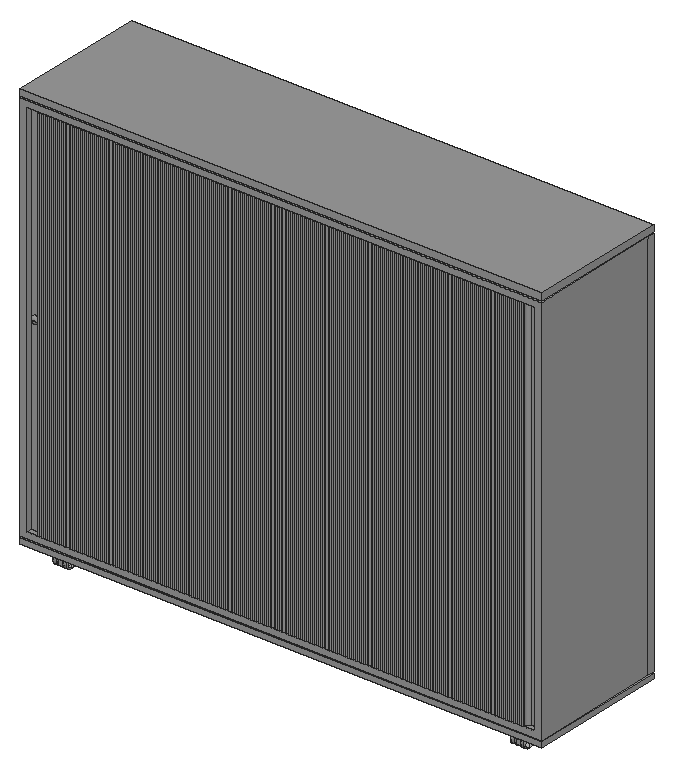
Revit family "Haworth_BeHold-Design_TambourDoorCabinet_BaseElement_EU_PRELIMINARY", category Furniture Systems, Revit 2019
Family settings
  Round Connector Dimension = Use Diameter
  Part Type = Normal
  OmniClass Number = 23.40.70.14.64.21
  OmniClass Title = Systems Furniture
  Work Plane-Based = No
  Always vertical = Yes
  Cut with Voids When Loaded = No
  Shared = No
  Room Calculation Point = No
Parameters (values of type "160w 3BH")
  with Cover Plate [instance] = yes
  Width = 160 cm
  Warranty = "http://www.haworth.com/resources/product-info/warranties"
  URL - Product = "https://www.haworth.com/eu/en/products/office-drawers/be-hold.html"
  URL = "https://www.haworth.com/eu/en.html"
  Trim Finish = Haworth _ Polymer _ Undecided
  Top Finish [instance] = Haworth _ Laminate _ Undecided _ Storage
  Size = "Verify Final Dim. w/ Haworth"  # constant formula
  Revision Number = "1"  # constant formula
  Pull Height = Door Height - 25 cm  # 91.3 cm
  Pull Finish = Haworth _ Polymer _ Undecided
  Plinth Finish = Haworth _ Polymer _ Undecided
  Plinth = not(or(Glides, Casters))  # no
  Mounting Height = if(Plinth, 3 cm, if(Casters, 3 cm, 0 cm))  # 3 cm
  Model = "ESDTDGE"  # constant formula
  Min. Width = 80 cm  # constant formula
  Min. Height = 49.9 cm  # constant formula
  Max. Width = 160 cm  # constant formula
  Max. Height = 153.1 cm  # constant formula
  Manufacturer = "Haworth"  # constant formula
  Lock Offset Side = Actual Width / 2  # 80 cm
  Lock Offset Length = Door Height / 2  # 58.15 cm
  Height = 124.3 cm
  Glides = no
  Glide Finish = Haworth _ Polymer _ Undecided
  Front Finish [instance] = Haworth _ Laminate _ Undecided _ Storage
  Door Width = Actual Width / 2 - 2 cm  # 78 cm
  Door Height = Actual Height - 8 cm  # 116.3 cm
  Description = "Haworth - BeHold Design - Tambour Door Cabinet - Base Element"  # constant formula
  Custom Size = not(or(Width = 91.44 cm, Width = 106.68 cm, Width = 121.92 cm, Width = 137.16 cm, Width = 152.4 cm, Width = 167.64 cm, Width = 182.88 cm))  # yes
  Casters = yes
  Cabinet Finish [instance] = Haworth _ Laminate _ Undecided _ Storage
  Back Finish [instance] = Haworth _ Laminate _ Undecided _ Storage
  Author = "Haworth (Abd Rahman)"  # constant formula
  Assembly Code = "E2020200"
  Actual Width = if(Width < Min. Width, Min. Width, if(Width > Max. Width, Max. Width, Width))  # 160 cm
  Actual Height = if(Height < Min. Height, Min. Height, if(Height > Max. Height, Max. Height, Height))  # 124.3 cm
  Actual Depth = 43 cm  # constant formula
  74H = Actual Height = 74 cm  # no
  4BH = Actual Height = 153.1 cm  # no
  3BH = Actual Height = 124.3 cm  # yes
  2BH = Actual Height = 87.1 cm  # no
  1BH = Actual Height = 49.9 cm  # no
  100H = Actual Height = 100 cm  # no
Types (6, lengths in cm): name | Width | Pull Height | Plinth | Mounting Height | Lock Offset Side | Lock Offset Length | Height | Glides | Door Width | Door Height | Casters | Actual Width | Actual Height | 74H | 4BH | 3BH | 2BH | 1BH | 100H
  140w 1BH | 140 | 16.9 | yes | 3 | 70 | 20.95 | 49.9 | no | 68 | 41.9 | no | 140 | 49.9 | no | no | no | no | yes | no
  90w 2BH | 90 | 54.1 | no | 3 | 45 | 39.55 | 87.1 | no | 43 | 79.1 | yes | 90 | 87.1 | no | no | no | yes | no | no
  160w 3BH | 160 | 91.3 | no | 3 | 80 | 58.15 | 124.3 | no | 78 | 116.3 | yes | 160 | 124.3 | no | no | yes | no | no | no
  120w 4BH | 120 | 120.1 | no | 0 | 60 | 72.55 | 153.1 | yes | 58 | 145.1 | no | 120 | 153.1 | no | yes | no | no | no | no
  80w 74h | 80 | 41 | yes | 3 | 40 | 33 | 74 | no | 38 | 66 | no | 80 | 74 | yes | no | no | no | no | no
  100w 100h | 100 | 67 | no | 0 | 50 | 46 | 100 | yes | 48 | 92 | no | 100 | 100 | no | no | no | no | no | yes
Reference planes (cm)
  plane 1: z = 3
  plane 2 "Center L/R": x = -15.6859
  plane 3 "Center F/B": y = -29.21
  plane 4 "Top": z = 127.3
  plane 5 "Back": y = -7.71
  plane 6 "Front": y = -50.71
  plane 7 "Right": x = 64.3141
  plane 8 "Left": x = -95.6859
  plane 9: z = 125.4816
  plane 10: x = 62.3141
  plane 11: x = -93.6859
  plane 12: z = 4.8184
  plane 13: y = -48.71
  plane 14: z = 127.8
  plane 15: y = -9.71
  plane 16: z = 6.8184
  plane 17: z = 8.8184
  plane 18: z = 6.3184
  plane 19: y = -44.4342
  plane 20: x = 54.5804
  plane 21: y = -42.4342
  plane 22: y = -13.9858
  plane 23: y = -15.9858
  plane 24: x = -85.9522
  plane 25: y = -44.74
  plane 26: y = -43.3236
  plane 27: y = -13.68
  plane 28: y = -15.0964
  plane 29: x = 62.6141
  plane 30: x = 64.2141
  plane 31: x = -93.9859
  plane 32: x = -95.5859
  plane 33: y = -8.8617
  plane 34: y = -10.4617
  plane 35: y = -49.4617
  plane 36: y = -47.8617
  plane 37: x = -85.9522
  plane 38: x = 54.5804
  plane 39: y = -13.9858
  plane 40: y = -44.4342
Forms (cm)
  Extrusion 1, solid, material "Haworth _ Laminate _ Undecided _ Storage" <- "Cabinet Finish"
    sketch origin (0, -29.21, 0) x (1, 0, 0) y (0, 0, 1)
      loop
        line (-95.6859, 127.3) -> (-95.6859, 6.8184) -> (64.3141, 6.8184) -> (64.3141, 127.3) -> (-95.6859, 127.3)
      loop
        line (-93.6859, 125.4816) -> (-93.6859, 8.8184) -> (62.3141, 8.8184) -> (62.3141, 125.4816) -> (-93.6859, 125.4816)
    from -19.5 to 21.5
  Extrusion 2, solid, material "Haworth _ Laminate _ Undecided _ Storage" <- "Cabinet Finish"
    sketch origin (0, -29.21, 0) x (1, 0, 0) y (0, 0, 1)
      loop
        line (-95.6859, 6.3184) -> (-95.6859, 4.8184) -> (64.3141, 4.8184) -> (64.3141, 6.3184) -> (-95.6859, 6.3184)
    from -21.5 to 21.5
  Extrusion 3, solid, material "Haworth _ Polymer _ Undecided" <- "Glide Finish", visible <- "Glides"
    sketch origin (0, 0, 0) x (1, 0, 0) y (0, 1, 0)
      loop
        arc (53.0804, -42.4342) -> (54.5804, -46.9342) -> (56.0804, -42.4342) r 2.5
        line (56.0804, -42.4342) -> (53.0804, -42.4342)
      loop
        line (53.0804, -15.9858) -> (56.0804, -15.9858)
        arc (56.0804, -15.9858) -> (54.5804, -11.4858) -> (53.0804, -15.9858) r 2.5
      loop
        line (-84.4522, -42.4342) -> (-87.4522, -42.4342)
        arc (-87.4522, -42.4342) -> (-85.9522, -46.9342) -> (-84.4522, -42.4342) r 2.5
      loop
        arc (-84.4522, -15.9858) -> (-85.9522, -11.4858) -> (-87.4522, -15.9858) r 2.5
        line (-87.4522, -15.9858) -> (-84.4522, -15.9858)
    from 3 to 4.8184
  Extrusion 4, solid, material "Haworth _ Laminate _ Undecided _ Storage" <- "Back Finish"
    sketch origin (0, -29.21, 0) x (1, 0, 0) y (0, 0, 1)
      loop
        line (64.3141, 127.3) -> (-95.6859, 127.3) -> (-95.6859, 6.8184) -> (64.3141, 6.8184) -> (64.3141, 127.3)
    from -21.5 to -19.5
  Extrusion 5, solid, material "Haworth _ Polymer _ Undecided" <- "Glide Finish"
    sketch origin (0, 0, 0) x (1, 0, 0) y (0, 1, 0)
      loop
        line (-93.6859, -44.74) -> (62.3141, -44.74) -> (62.3141, -43.3236) -> (-93.6859, -43.3236) -> (-93.6859, -44.74)
      loop
        line (-93.6859, -13.68) -> (-93.6859, -15.0964) -> (62.3141, -15.0964) -> (62.3141, -13.68) -> (-93.6859, -13.68)
    from 6.3184 to 6.8184
  Extrusion 6, solid, material "Haworth _ Polymer _ Undecided" <- "Plinth Finish", visible <- "Plinth"
    sketch origin (0, 0, 0) x (1, 0, 0) y (0, 1, 0)
      loop
        line (-95.5859, -8.8617) -> (-95.5859, -49.4617) -> (64.2141, -49.4617) -> (64.2141, -8.8617) -> (-95.5859, -8.8617)
      loop
        line (-93.9859, -10.4617) -> (-93.9859, -47.8617) -> (62.6141, -47.8617) -> (62.6141, -10.4617) -> (-93.9859, -10.4617)
    from 0 to 4.8184
Lines and regions (cm)
  Masking region 1
    outline origin (0, 0, 0) x (1, 0, 0) y (0, 1, 0)
      loop
        line (-95.6859, -7.71) -> (-95.6859, -50.71) -> (64.3141, -50.71) -> (64.3141, -7.71) -> (-95.6859, -7.71)
Dimensions and locks (cm)
  equal spacing: plane 8 "Left", plane 2 "Center L/R", plane 7 "Right"
  "Actual Width": plane 8 "Left" to plane 7 "Right"
  equal spacing: plane 5 "Back", plane 3 "Center F/B", plane 6 "Front"
  "Actual Depth": plane 5 "Back" to plane 6 "Front"
  plane 38 to plane 10 to plane 7 "Right" = 7.7337 cm locked, 2 cm locked
  plane 8 "Left" to plane 11 to plane 37 = 2 cm locked, 7.7337 cm locked
  locked: plane 4 "Top" to plane 9 at 1.8184
  locked: plane 12 to plane 1 at 1.8184
  "Actual Height": plane 4 "Top" to plane 1
  "Mounting Height": plane 1 to level
  plane 6 "Front" to plane 13 to plane 40 = 2 cm locked, 4.2758 cm locked
  locked: plane 14 to plane 4 "Top" at 0.5
  plane 39 to plane 15 to plane 5 "Back" = 4.2758 cm locked, 2 cm locked
  locked: plane 16 to plane 12 at 2
  locked: plane 17 to plane 16 at 2
  locked: plane 16 to plane 18 at 0.5
  plane 21 to plane 19 to plane 6 "Front" = 2 cm locked, 6.2758 cm locked
  locked: plane 20 to plane 7 "Right" at 9.7337
  locked: plane 23 to plane 22 at 2
  locked: plane 22 to plane 5 "Back" at 6.2758
  locked: plane 8 "Left" to plane 24 at 9.7337
  plane 6 "Front" to plane 25 to plane 26 = 5.97 cm locked, 1.4164 cm locked
  locked: plane 27 to plane 28 at 1.4164
  locked: plane 5 "Back" to plane 27 at 5.97
  plane 1 to level = 3 cm
  plane 36 to plane 35 to plane 6 "Front" = 1.6 cm locked, 1.2483 cm locked
  plane 29 to plane 30 to plane 7 "Right" = 1.6 cm locked, 0.1 cm locked
  plane 8 "Left" to plane 32 to plane 31 = 0.1 cm locked, 1.6 cm locked
  plane 34 to plane 33 to plane 5 "Back" = 1.6 cm locked, 1.1517 cm locked
  radius of Extrusion 3 sketch curve = 2.5 cm  (x4)
  aligned and locked: plane 7 "Right" to Masking region 1
  aligned and locked: plane 5 "Back" to Masking region 1
  aligned and locked: Masking region 1 to plane 6 "Front"
  aligned and locked: Masking region 1 to plane 8 "Left"
  aligned and locked: plane 6 "Front" to nested 1
  aligned and locked: plane 3 "Center F/B" to nested 2
  aligned and locked: plane 2 "Center L/R" to nested 2
  aligned and locked: nested 2 to plane 14
  aligned and locked: plane 8 "Left" to Extrusion 1 sketch curve
  aligned and locked: Extrusion 1 sketch curve to plane 7 "Right"
  aligned and locked: Extrusion 1 sketch curve to plane 4 "Top"
  aligned and locked: plane 10 to Extrusion 1 sketch curve
  aligned and locked: Extrusion 1 sketch curve to plane 9
  aligned and locked: Extrusion 1 sketch curve to plane 11
  aligned and locked: Extrusion 1 to plane 16
  aligned and locked: Extrusion 2 sketch curve to plane 7 "Right"
  aligned and locked: plane 8 "Left" to Extrusion 2 sketch curve
  aligned and locked: Extrusion 2 to plane 12
  aligned and locked: plane 5 "Back" to Extrusion 2
  aligned and locked: Extrusion 2 to plane 6 "Front"
  aligned and locked: plane 19 to Extrusion 3 sketch curve  (x2)
  aligned and locked: plane 20 to Extrusion 3 sketch curve  (x2)
  aligned and locked: plane 22 to Extrusion 3 sketch curve
  aligned and locked: plane 24 to Extrusion 3 sketch curve  (x2)
  aligned and locked: plane 23 to Extrusion 3 sketch curve  (x2)
  aligned and locked: Extrusion 3 sketch curve to plane 22
  aligned and locked: plane 21 to Extrusion 3 sketch curve
  aligned and locked: Extrusion 3 sketch curve to plane 21
  aligned and locked: Extrusion 3 to plane 1
  aligned and locked: plane 12 to Extrusion 3
  aligned and locked: Extrusion 1 to plane 15
  aligned and locked: Extrusion 4 sketch curve to plane 7 "Right"
  aligned and locked: plane 8 "Left" to Extrusion 4 sketch curve
  aligned and locked: Extrusion 4 sketch curve to plane 16
  aligned and locked: Extrusion 4 sketch curve to plane 4 "Top"
  aligned and locked: plane 5 "Back" to Extrusion 4
  aligned and locked: plane 15 to Extrusion 4
  aligned and locked: Extrusion 5 sketch curve to plane 26
  aligned and locked: Extrusion 5 sketch curve to plane 25
  aligned and locked: Extrusion 5 sketch curve to plane 27
  aligned and locked: Extrusion 5 sketch curve to plane 28
  aligned and locked: Extrusion 5 to plane 18
  aligned and locked: plane 16 to Extrusion 5
  aligned and locked: plane 10 to Extrusion 5 sketch curve
  aligned and locked: Extrusion 5 sketch curve to plane 10
  aligned and locked: Extrusion 5 sketch curve to plane 11
  aligned and locked: plane 11 to Extrusion 5 sketch curve
  aligned and locked: plane 12 to Extrusion 6
  aligned and locked: Extrusion 6 to level
  aligned and locked: Extrusion 6 sketch curve to plane 33
  aligned and locked: Extrusion 6 sketch curve to plane 34
  aligned and locked: Extrusion 6 sketch curve to plane 36
  aligned and locked: Extrusion 6 sketch curve to plane 35
  aligned and locked: Extrusion 6 sketch curve to plane 32
  aligned and locked: Extrusion 6 sketch curve to plane 31
  aligned and locked: Extrusion 6 sketch curve to plane 30
  aligned and locked: Extrusion 6 sketch curve to plane 29
  aligned and locked: Extrusion 1 to plane 6 "Front"
  aligned and locked: nested 1 to plane 11
  aligned and locked: nested 3 to plane 2 "Center L/R"
  aligned and locked: nested 3 to plane 17
  aligned and locked: plane 17 to nested 1
  aligned and locked: nested 3 to plane 6 "Front"
  aligned and locked: nested 4 to plane 37
  aligned and locked: nested 4 to plane 39
  aligned and locked: nested 5 to plane 37
  aligned and locked: plane 40 to nested 5
  aligned and locked: plane 38 to nested 7
  aligned and locked: plane 38 to nested 6
  aligned and locked: nested 7 to plane 39
  aligned and locked: plane 40 to nested 6
Automatic sketch dimensions
  Masking region 1 sketch curve to plane 6 "Front" = 0 cm
  Masking region 1 sketch curve to plane 8 "Left" = 0 cm
  Masking region 1 sketch curve to plane 7 "Right" = 0 cm
  Masking region 1 sketch curve to plane 5 "Back" = 0 cm
  Extrusion 1 sketch curve to plane 16 = 0 cm
  Extrusion 1 sketch curve to plane 17 = 0 cm
  Extrusion 2 sketch curve to plane 12 = 0 cm
  Extrusion 2 sketch curve to plane 18 = 0 cm
Nested families (cm)
  nested 1: "Haworth_MSeries_Door_Tambour-PART" at (-54.6859, -47.8217, 8.8184), type "Haworth_Drawer"
    with Lock Offset Top 58.15 cm, Drawer Width 78 cm, Drawer Height 116.3 cm
  nested 2: "Haworth_BeHold_CoverPlate_Top-PART" at (0, 0, -122.2), visible <- "with Cover Plate", Top Finish <- "Top Finish", type "Cover Plate"
    with Top Finish Haworth _ Laminate _ Undecided _ Storage, Actual Width 160 cm, Actual Mounting Height 250 cm, Actual Depth 43 cm
  nested 3: "Haworth_MSeries_Door_Tambour-PART" at (23.3141, -47.8217, 8.8184) x (-1, 0, 0) z (0, 0, 1), type "Haworth_Drawer"
    with With Lock no, Lock Offset Top 58.15 cm, Drawer Width 78 cm, Drawer Height 116.3 cm
  nested 4: "Haworth_BeHold_Casters_PART" at (-85.9522, -16.8961, 0), visible <- "Casters", type "Casters"
  nested 5: "Haworth_BeHold_Casters_PART" at (-85.9522, -47.3446, 0), visible <- "Casters", type "Casters"
  nested 6: "Haworth_BeHold_Casters_PART" at (54.5804, -47.3446, 0), visible <- "Casters", type "Casters"
  nested 7: "Haworth_BeHold_Casters_PART" at (54.5804, -16.8961, 0), visible <- "Casters", type "Casters"
Definition of nested family "Haworth_MSeries_Door_Tambour-PART"
  Parameters (values of type "Haworth_Drawer")
    With Lock [instance] = yes
    Warranty = "http://www.haworth.com/resources/product-info/warranties"
    URL - Product = ""
    URL = "www.haworth.com"
    Trim Finish = none
    Revision Number = "1"  # constant formula
    Pull Finish = none
    Note = "Verify Final Dim. w/ Haworth"  # constant formula
    Model = "Haworth Be_Hold"  # constant formula
    Manufacturer = "Haworth"  # constant formula
    Lock Offset Top = 55 cm
    Lock Offset Side = 1.5 cm  # constant formula
    Front Recess = no
    Front Finish = none
    Front Edge Finish = none
    Drawer Width = 41 cm
    Drawer Height = 175 cm
    Description = "Haworth - Be_Hold - Drawer"
    Author = "Haworth (Alias)"  # constant formula
    Assembly Code = ""
  Types (2, lengths in cm): name | With Lock
    Haworth_Drawer | yes
    Haworth_Drawer - Double | no
  Reference planes (cm)
    plane 1 "Drawer Back": y = -0.6658
    plane 2: z = 0
    plane 3 "Center L/R": x = 0
    plane 4 "Drawer Front": y = -2.8883
    plane 5 "Left": x = -20.5
    plane 6 "Right": x = 20.5
    plane 7 "Top": z = 175
    plane 8 "Hardware Start": y = -0.9833
    plane 9 "Lock Horizontal": z = 120
    plane 10 "2": z = 122.2225
    plane 11: y = -1.7771
    plane 12 "3": x = -19
  Forms (cm)
    Revolve 1, solid, material <- "Trim Finish", visible <- "With Lock"
      sketch origin (0, -0.0625, 120) x (1, 0, 0) y (0, -1, 0)
        loop
          line (-19, 1.3018) -> (-19, 2.0159) -> (-19.3973, 2.0159)
          arc (-19.3973, 2.0159) -> (-19.9022, 1.8067) -> (-20.1113, 1.3018) r 0.714
          line (-20.1113, 1.3018) -> (-19, 1.3018)
        axis (-19, 1.3018) -> (-19, 2.0159)
      angle from 0 to 360
  Lines and regions (cm)
    Masking region 1
      outline origin (0, 0, 120) x (-1, 0, 0) y (0, -1, 0)
        loop
          line (20.5, 0.9833) -> (20.5, 2.8883) -> (-20.5, 2.8883) -> (-20.5, 0.9833) -> (20.5, 0.9833)
  Dimensions and locks (cm)
    equal spacing: plane 5 "Left", plane 3 "Center L/R", plane 6 "Right"
    "Drawer Width": plane 5 "Left" to plane 6 "Right"
    "Drawer Height": plane 7 "Top" to level
    locked: plane 1 "Drawer Back" to plane 8 "Hardware Start" at 0.3175
    plane 4 "Drawer Front" to plane 1 "Drawer Back" = 2.2225 cm
    plane 4 "Drawer Front" to plane 8 "Hardware Start" = 1.905 cm
    "Lock Offset Top": plane 7 "Top" to plane 9 "Lock Horizontal"
    locked: plane 10 "2" to plane 9 "Lock Horizontal" at 2.2225
    equal spacing: plane 4 "Drawer Front", plane 11, plane 1 "Drawer Back"
    "Lock Offset Side": plane 12 "3" to plane 5 "Left"
    aligned and locked: plane 6 "Right" to Masking region 1 sketch curve
    aligned and locked: plane 8 "Hardware Start" to Masking region 1 sketch curve
    aligned and locked: plane 4 "Drawer Front" to Masking region 1 sketch curve
    aligned and locked: plane 5 "Left" to Masking region 1 sketch curve
    aligned and locked: nested 1 to plane 7 "Top"
    aligned and locked: plane 3 "Center L/R" to nested 1
    aligned and locked: plane 4 "Drawer Front" to nested 1
  Automatic sketch dimensions
    Revolve 1 sketch curve to plane 4 "Drawer Front" = 1.524 cm
    Revolve 1 sketch curve to plane 12 "3" = 0 cm  (x2)
    Revolve 1 sketch curve to plane 4 "Drawer Front" = 0.81 cm
    Revolve 1 sketch curve to Revolve 1 sketch curve = 0.3973 cm
    Revolve 1 sketch curve to plane 11 = 0.2252 cm
    Revolve 1 sketch curve to Revolve 1 sketch curve = 2.244 cm
  Nested families (cm)
    nested 1: "Haworth_MSeries_Tambour-Door-Panel_Swing" at (2.9977, -1.859, 0) x (-1, 0, 0) z (0, 0, 1), type "Door"
      with Finger Pull Location 175.635 cm, Door Width 41 cm, Door Height 175 cm
  Definition of nested family "Haworth_MSeries_Tambour-Door-Panel_Swing"
    Parameters (values of type "Door")
      with Lock [instance] = yes
      URL = "www.haworth.com"
      Revision Number = "1"  # constant formula
      Revision Date = ""
      Pull Offset = 3.81 cm
      Lock Offset Top = 4.207 cm  # constant formula
      Lock Offset Side = 3.4925 cm  # constant formula
      Linear Pull = no
      Finger Pull Location = if(Finger Pull, Door Height + 0.635 cm, 0.381 cm)  # 50.635 cm
      Finger Pull = yes
      Door Pull Location = 2.54 cm
      Door Pull Length = 20.32 cm
      Door Pull Finish = none
      Bar Pull = no
      Classic Pull = no
      Assembly Code = ""
      Pull Offset Centerline = 7.62 cm
      Pull Height Centerline = 15.24 cm
      Door Width = 90 cm
      Door Height = 50 cm
      Door Finish = none
      Door Depth = 1.905 cm
      Manufacturer = "Haworth"  # constant formula
      Author = "SHAPE Environments, LLC"  # constant formula
    Reference planes (cm)
      plane 1 "Center F/B": y = -0.0768
      plane 2: z = 0
      plane 3 "Center L/R": x = 2.9977
      plane 4 "Left": x = -42.0023
      plane 5 "Right": x = 47.9977
      plane 6 "Back": y = 0.8757
      plane 7 "Front": y = -1.0293
      plane 8 "Top": z = 50
      plane 9 "Pull Offset": x = 40.3777
      plane 10 "Pull Height": z = 15.24
      plane 11 "Finger Pull Top": z = 50
      plane 12 "Finger Pull Bottom": z = -0.635
      plane 13: z = 45.793
      plane 14 "Lock": x = -38.5098
    Forms (cm)
      Extrusion 1, solid, material <- "Door Finish"
        sketch origin (0, -0.0768, 0) x (1, 0, 0) y (0, 0, 1)
          loop
            line (-42.0023, 50) -> (-42.0023, 0) -> (47.9977, 0) -> (47.9977, 50) -> (-42.0023, 50)
        from -0.9525 to 0.9525
      Extrusion 2, void
        sketch origin (5.9954, 0, 0) x (-1, 0, 0) y (0, -1, 0)
          loop
            line (-42.0023, 1.0293) -> (-42.0023, -0.4947) -> (-39.4623, -0.4947)
            arc (-39.4623, -0.4947) -> (-38.5612, 0.4064) -> (-39.4623, 1.3075) r 0.9011
            line (-39.4623, 1.3075) -> (-40.4767, 1.3075)
            arc (-40.4767, 1.3075) -> (-40.3376, 1.1684) -> (-40.4767, 1.0293) r 0.1391
            line (-40.4767, 1.0293) -> (-42.0023, 1.0293)
        from -0.635 to 50
      Extrusion 3, void
        sketch origin (0, 0, 0) x (1, 0, 0) y (0, 1, 0)
          loop
            line (-30.1193, -0.7092) -> (-30.4394, -1.0293) -> (-29.7992, -1.0293) -> (-30.1193, -0.7092)
          loop
            line (-28.9189, -0.7092) -> (-29.239, -1.0293) -> (-28.5988, -1.0293) -> (-28.9189, -0.7092)
          loop
            line (-27.7189, -0.7092) -> (-28.039, -1.0293) -> (-27.3988, -1.0293) -> (-27.7189, -0.7092)
          loop
            line (-26.519, -0.7092) -> (-26.8391, -1.0293) -> (-26.1989, -1.0293) -> (-26.519, -0.7092)
          loop
            line (-25.3186, -0.7092) -> (-25.6387, -1.0293) -> (-24.9985, -1.0293) -> (-25.3186, -0.7092)
          loop
            line (-24.1187, -0.7092) -> (-24.4388, -1.0293) -> (-23.7986, -1.0293) -> (-24.1187, -0.7092)
          loop
            line (-22.9192, -0.7092) -> (-23.2393, -1.0293) -> (-22.5991, -1.0293) -> (-22.9192, -0.7092)
          loop
            line (-21.7188, -0.7092) -> (-22.0389, -1.0293) -> (-21.3987, -1.0293) -> (-21.7188, -0.7092)
          loop
            line (-20.5189, -0.7092) -> (-20.839, -1.0293) -> (-20.1988, -1.0293) -> (-20.5189, -0.7092)
          loop
            line (-19.319, -0.7092) -> (-19.6391, -1.0293) -> (-18.9989, -1.0293) -> (-19.319, -0.7092)
          loop
            line (-18.1186, -0.7092) -> (-18.4387, -1.0293) -> (-17.7985, -1.0293) -> (-18.1186, -0.7092)
          loop
            line (-16.9187, -0.7092) -> (-17.2388, -1.0293) -> (-16.5986, -1.0293) -> (-16.9187, -0.7092)
          loop
            line (-15.7187, -0.7092) -> (-16.0388, -1.0293) -> (-15.3986, -1.0293) -> (-15.7187, -0.7092)
          loop
            line (-14.5184, -0.7092) -> (-14.8384, -1.0293) -> (-14.1983, -1.0293) -> (-14.5184, -0.7092)
          loop
            line (-13.3184, -0.7092) -> (-13.6385, -1.0293) -> (-12.9983, -1.0293) -> (-13.3184, -0.7092)
          loop
            line (-12.119, -0.7092) -> (-12.4391, -1.0293) -> (-11.7989, -1.0293) -> (-12.119, -0.7092)
          loop
            line (-10.9186, -0.7092) -> (-11.2387, -1.0293) -> (-10.5985, -1.0293) -> (-10.9186, -0.7092)
          loop
            line (-9.7186, -0.7092) -> (-10.0387, -1.0293) -> (-9.3985, -1.0293) -> (-9.7186, -0.7092)
          loop
            line (-8.5192, -0.7092) -> (-8.8393, -1.0293) -> (-8.1991, -1.0293) -> (-8.5192, -0.7092)
          loop
            line (-7.3188, -0.7092) -> (-7.6389, -1.0293) -> (-6.9987, -1.0293) -> (-7.3188, -0.7092)
          loop
            line (-6.1189, -0.7092) -> (-6.439, -1.0293) -> (-5.7988, -1.0293) -> (-6.1189, -0.7092)
          loop
            line (-4.9189, -0.7092) -> (-5.239, -1.0293) -> (-4.5988, -1.0293) -> (-4.9189, -0.7092)
          loop
            line (-3.7185, -0.7092) -> (-4.0386, -1.0293) -> (-3.3984, -1.0293) -> (-3.7185, -0.7092)
          loop
            line (-2.5186, -0.7092) -> (-2.8387, -1.0293) -> (-2.1985, -1.0293) -> (-2.5186, -0.7092)
          loop
            line (-1.3192, -0.7092) -> (-1.6393, -1.0293) -> (-0.9991, -1.0293) -> (-1.3192, -0.7092)
          loop
            line (-0.1188, -0.7092) -> (-0.4389, -1.0293) -> (0.2013, -1.0293) -> (-0.1188, -0.7092)
          loop
            line (1.0812, -0.7092) -> (0.7611, -1.0293) -> (1.4013, -1.0293) -> (1.0812, -0.7092)
          loop
            line (41.2368, -0.7092) -> (40.9168, -1.0293) -> (41.5569, -1.0293) -> (41.2368, -0.7092)
          loop
            line (40.0369, -0.7092) -> (39.7168, -1.0293) -> (40.357, -1.0293) -> (40.0369, -0.7092)
          loop
            line (38.837, -0.7092) -> (38.5169, -1.0293) -> (39.1571, -1.0293) -> (38.837, -0.7092)
          loop
            line (37.6366, -0.7092) -> (37.3165, -1.0293) -> (37.9567, -1.0293) -> (37.6366, -0.7092)
          loop
            line (36.4367, -0.7092) -> (36.1166, -1.0293) -> (36.7568, -1.0293) -> (36.4367, -0.7092)
          loop
            line (35.2372, -0.7092) -> (34.9171, -1.0293) -> (35.5573, -1.0293) -> (35.2372, -0.7092)
          loop
            line (34.0368, -0.7092) -> (33.7167, -1.0293) -> (34.3569, -1.0293) -> (34.0368, -0.7092)
          loop
            line (32.8369, -0.7092) -> (32.5168, -1.0293) -> (33.157, -1.0293) -> (32.8369, -0.7092)
          loop
            line (31.637, -0.7092) -> (31.3169, -1.0293) -> (31.9571, -1.0293) -> (31.637, -0.7092)
          loop
            line (30.4366, -0.7092) -> (30.1165, -1.0293) -> (30.7567, -1.0293) -> (30.4366, -0.7092)
          loop
            line (29.2367, -0.7092) -> (28.9166, -1.0293) -> (29.5567, -1.0293) -> (29.2367, -0.7092)
          loop
            line (28.0367, -0.7092) -> (27.7166, -1.0293) -> (28.3568, -1.0293) -> (28.0367, -0.7092)
          loop
            line (26.8363, -0.7092) -> (26.5162, -1.0293) -> (27.1564, -1.0293) -> (26.8363, -0.7092)
          loop
            line (25.6364, -0.7092) -> (25.3163, -1.0293) -> (25.9565, -1.0293) -> (25.6364, -0.7092)
          loop
            line (24.4369, -0.7092) -> (24.1168, -1.0293) -> (24.757, -1.0293) -> (24.4369, -0.7092)
          loop
            line (23.2366, -0.7092) -> (22.9165, -1.0293) -> (23.5566, -1.0293) -> (23.2366, -0.7092)
          loop
            line (22.0366, -0.7092) -> (21.7165, -1.0293) -> (22.3567, -1.0293) -> (22.0366, -0.7092)
          loop
            line (20.8372, -0.7092) -> (20.5171, -1.0293) -> (21.1573, -1.0293) -> (20.8372, -0.7092)
          loop
            line (19.6368, -0.7092) -> (19.3167, -1.0293) -> (19.9569, -1.0293) -> (19.6368, -0.7092)
          loop
            line (18.4368, -0.7092) -> (18.1167, -1.0293) -> (18.7569, -1.0293) -> (18.4368, -0.7092)
          loop
            line (17.2369, -0.7092) -> (16.9168, -1.0293) -> (17.557, -1.0293) -> (17.2369, -0.7092)
          loop
            line (16.0365, -0.7092) -> (15.7164, -1.0293) -> (16.3566, -1.0293) -> (16.0365, -0.7092)
          loop
            line (14.8366, -0.7092) -> (14.5165, -1.0293) -> (15.1567, -1.0293) -> (14.8366, -0.7092)
          loop
            line (13.6371, -0.7092) -> (13.317, -1.0293) -> (13.9572, -1.0293) -> (13.6371, -0.7092)
          loop
            line (12.4367, -0.7092) -> (12.1167, -1.0293) -> (12.7568, -1.0293) -> (12.4367, -0.7092)
          loop
            line (11.2368, -0.7092) -> (10.9167, -1.0293) -> (11.5569, -1.0293) -> (11.2368, -0.7092)
          loop
            line (2.1064, -0.7092) -> (1.7863, -1.0293) -> (2.4265, -1.0293) -> (2.1064, -0.7092)
          loop
            line (3.3058, -0.7092) -> (2.9857, -1.0293) -> (3.6259, -1.0293) -> (3.3058, -0.7092)
          loop
            line (4.5062, -0.7092) -> (4.1861, -1.0293) -> (4.8263, -1.0293) -> (4.5062, -0.7092)
          loop
            line (5.7062, -0.7092) -> (5.3861, -1.0293) -> (6.0263, -1.0293) -> (5.7062, -0.7092)
          loop
            line (10.3366, -0.7092) -> (10.0165, -1.0293) -> (10.6567, -1.0293) -> (10.3366, -0.7092)
          loop
            line (9.1371, -0.7092) -> (8.817, -1.0293) -> (9.4572, -1.0293) -> (9.1371, -0.7092)
          loop
            line (7.9367, -0.7092) -> (7.6167, -1.0293) -> (8.2568, -1.0293) -> (7.9367, -0.7092)
          loop
            line (6.7368, -0.7092) -> (6.4167, -1.0293) -> (7.0569, -1.0293) -> (6.7368, -0.7092)
          loop
            line (-40.9195, -0.7092) -> (-41.2396, -1.0293) -> (-40.5994, -1.0293) -> (-40.9195, -0.7092)
          loop
            line (-39.7196, -0.7092) -> (-40.0397, -1.0293) -> (-39.3995, -1.0293) -> (-39.7196, -0.7092)
          loop
            line (-38.5201, -0.7092) -> (-38.8402, -1.0293) -> (-38.2, -1.0293) -> (-38.5201, -0.7092)
          loop
            line (-37.3198, -0.7092) -> (-37.6398, -1.0293) -> (-36.9997, -1.0293) -> (-37.3198, -0.7092)
          loop
            line (-36.1198, -0.7092) -> (-36.4399, -1.0293) -> (-35.7997, -1.0293) -> (-36.1198, -0.7092)
          loop
            line (-34.9199, -0.7092) -> (-35.24, -1.0293) -> (-34.5998, -1.0293) -> (-34.9199, -0.7092)
          loop
            line (-33.7195, -0.7092) -> (-34.0396, -1.0293) -> (-33.3994, -1.0293) -> (-33.7195, -0.7092)
          loop
            line (-32.5196, -0.7092) -> (-32.8397, -1.0293) -> (-32.1995, -1.0293) -> (-32.5196, -0.7092)
          loop
            line (-31.3197, -0.7092) -> (-31.6397, -1.0293) -> (-30.9996, -1.0293) -> (-31.3197, -0.7092)
          loop
            line (43.6372, -0.7092) -> (43.3171, -1.0293) -> (43.9573, -1.0293) -> (43.6372, -0.7092)
          loop
            line (42.4372, -0.7092) -> (42.1171, -1.0293) -> (42.7573, -1.0293) -> (42.4372, -0.7092)
        from -59.5764 to 281.7422
    Cuts and joins
      Extrusion 2, Extrusion 3 cuts Extrusion 1
    Lines and regions (cm)
      Masking region 1
        outline origin (0, 0, 0) x (1, 0, 0) y (0, 1, 0)
          loop
            line (-42.0023, 0.8757) -> (-42.0023, -1.0293) -> (47.9977, -1.0293) -> (47.9977, 0.8757) -> (-42.0023, 0.8757)
      model lines
        curve 1: line (40.3777, -1.0293, 0) -> (41.489, -1.0293, 0)
    Dimensions and locks (cm)
      "Door Height": plane 8 "Top" to level
      equal spacing: plane 6 "Back", plane 1 "Center F/B", plane 7 "Front"
      "Door Depth": plane 6 "Back" to plane 7 "Front"
      equal spacing: plane 4 "Left", plane 3 "Center L/R", plane 5 "Right"
      "Door Width": plane 4 "Left" to plane 5 "Right"
      "Pull Height Centerline": plane 10 "Pull Height" to level
      "Finger Pull Location": plane 11 "Finger Pull Top" to plane 12 "Finger Pull Bottom"
      locked: plane 2 to plane 12 "Finger Pull Bottom" at 0.635
      "Pull Offset Centerline": plane 5 "Right" to plane 9 "Pull Offset"
      "Lock Offset Side": plane 4 "Left" to plane 14 "Lock"
      "Lock Offset Top": plane 11 "Finger Pull Top" to plane 13
      aligned and locked: plane 4 "Left" to Extrusion 1 sketch curve
      aligned and locked: Extrusion 1 sketch curve to plane 5 "Right"
      aligned and locked: Extrusion 1 sketch curve to plane 8 "Top"
      aligned and locked: level to Extrusion 1 sketch curve
      aligned and locked: plane 6 "Back" to Extrusion 1
      aligned and locked: Extrusion 1 to plane 7 "Front"
      aligned and locked: plane 9 "Pull Offset" to nested 1
      aligned and locked: plane 10 "Pull Height" to nested 1
      aligned: nested 1 to plane 7 "Front"
      aligned and locked: Extrusion 1 to plane 4 "Left"
      aligned and locked: Extrusion 2 to plane 12 "Finger Pull Bottom"
      aligned and locked: plane 11 "Finger Pull Top" to Extrusion 2
      aligned and locked: nested 1 to plane 7 "Front"
    Automatic sketch dimensions
      curve 1 to plane 7 "Front" = 0 cm
      curve 1 to plane 9 "Pull Offset" = 0 cm
      curve 1 to curve 1 = 1.1113 cm
      Masking region 1 sketch curve to plane 4 "Left" = 0 cm
      Masking region 1 sketch curve to plane 5 "Right" = 0 cm
      Masking region 1 sketch curve to plane 7 "Front" = 0 cm
      Masking region 1 sketch curve to plane 6 "Back" = 0 cm
      Extrusion 2 sketch curve to plane 5 "Right" = 0 cm
      Extrusion 2 sketch curve to plane 7 "Front" = 0 cm
      plane 7 "Front" to Extrusion 2 sketch curve = 0.2782 cm
      plane 5 "Right" to Extrusion 2 sketch curve = 1.5256 cm
      plane 6 "Back" to Extrusion 2 sketch curve = 0.381 cm
      Extrusion 2 sketch curve to Extrusion 2 sketch curve = 1.0144 cm
      Extrusion 3 sketch curve to plane 7 "Front" = 0 cm  (x72)
      plane 4 "Left" to Extrusion 3 sketch curve = 0.7627 cm
      Extrusion 3 sketch curve to Extrusion 3 sketch curve = 0.3201 cm  (x77)
      Extrusion 3 sketch curve to Extrusion 3 sketch curve = 0.5597 cm  (x33)
      plane 14 "Lock" to Extrusion 3 sketch curve = 0.3305 cm
      plane 14 "Lock" to Extrusion 3 sketch curve = 0.0104 cm
      Extrusion 3 sketch curve to plane 14 "Lock" = 0.3097 cm
      Extrusion 3 sketch curve to Extrusion 3 sketch curve = 0.5602 cm  (x23)
      plane 7 "Front" to Extrusion 3 sketch curve = 0.3201 cm  (x62)
      Extrusion 3 sketch curve to Extrusion 3 sketch curve = 0.5593 cm  (x9)
      Extrusion 3 sketch curve to Extrusion 3 sketch curve = 0.385 cm
      Extrusion 3 sketch curve to plane 3 "Center L/R" = 0.012 cm
      plane 3 "Center L/R" to Extrusion 3 sketch curve = 0.3081 cm
      Extrusion 3 sketch curve to Extrusion 3 sketch curve = 0.3905 cm
      Extrusion 3 sketch curve to Extrusion 3 sketch curve = 0.26 cm
      Extrusion 3 sketch curve to plane 9 "Pull Offset" = 0.3408 cm
      Extrusion 3 sketch curve to plane 9 "Pull Offset" = 0.0207 cm
      plane 9 "Pull Offset" to Extrusion 3 sketch curve = 0.539 cm
    Nested families (cm)
      nested 1: "Haworth_Door-Pulls" at (43.6369, -0.9525, 15.24), type "Pull", detail levels medium+fine
Definition of nested family "Haworth_BeHold_CoverPlate_Top-PART"
  Parameters (values of type "Cover Plate")
    Warranty = "http://www.haworth.com/resources/product-info/warranties"
    URL - Product = "https://www.haworth.com/eu/en/products/office-drawers/be-hold.html"
    URL = "https://www.haworth.com/eu/en.html"
    Top Finish [instance] = none
    Thickness = 2 cm
    Size = "Verify Final Dim. w/ Haworth"  # constant formula
    Revision Number = "1"  # constant formula
    Model = "Haworth Be_Hold"  # constant formula
    Manufacturer = "Haworth"  # constant formula
    Description = "Haworth - BeHold - Cover Plate"  # constant formula
    Author = "Haworth (Abd Rahman)"  # constant formula
    Assembly Code = "E2020200"
    Actual Width = 150 cm
    Actual Mounting Height = 45 cm
    Actual Depth = 120 cm
  Reference planes (cm)
    plane 1: z = 0
    plane 2 "Center L/R": x = -15.6859
    plane 3 "Center F/B": y = -29.21
    plane 4 "Top of top": z = 47
    plane 5 "Back": y = 30.79
    plane 6 "Front": y = -89.21
    plane 7 "Left": x = -90.6859
    plane 8 "Right": x = 59.3141
    plane 9 "Bottom of top": z = 45
  Forms (cm)
    Extrusion 1, solid, material <- "Top Finish"
      sketch origin (0, 0, 0) x (1, 0, 0) y (0, 1, 0)
        loop
          line (-90.6859, 30.79) -> (-90.6859, -89.21) -> (59.3141, -89.21) -> (59.3141, 30.79) -> (-90.6859, 30.79)
      from 45 to 47
  Lines and regions (cm)
    Masking region 1
      outline origin (0, 0, 0) x (1, 0, 0) y (0, 1, 0)
        loop
          line (-90.6859, 30.79) -> (-90.6859, -89.21) -> (59.3141, -89.21) -> (59.3141, 30.79) -> (-90.6859, 30.79)
  Dimensions and locks (cm)
    equal spacing: plane 5 "Back", plane 3 "Center F/B", plane 6 "Front"
    "Actual Depth": plane 5 "Back" to plane 6 "Front"
    equal spacing: plane 7 "Left", plane 2 "Center L/R", plane 8 "Right"
    "Actual Width": plane 7 "Left" to plane 8 "Right"
    "Thickness": plane 4 "Top of top" to plane 9 "Bottom of top"
    "Actual Mounting Height": plane 9 "Bottom of top" to plane 1
    aligned and locked: plane 8 "Right" to Extrusion 1 sketch curve
    aligned and locked: plane 7 "Left" to Extrusion 1 sketch curve
    aligned and locked: plane 6 "Front" to Extrusion 1 sketch curve
    aligned and locked: Extrusion 1 sketch curve to plane 5 "Back"
    aligned and locked: plane 4 "Top of top" to Extrusion 1
    aligned and locked: Extrusion 1 to plane 9 "Bottom of top"
    aligned and locked: plane 8 "Right" to Masking region 1 sketch curve
    aligned and locked: Masking region 1 sketch curve to plane 5 "Back"
    aligned and locked: plane 7 "Left" to Masking region 1 sketch curve
    aligned and locked: plane 6 "Front" to Masking region 1 sketch curve
Definition of nested family "Haworth_BeHold_Casters_PART"
  Parameters (values of type "Casters")
    Warranty = "http://www.haworth.com/product-info/warranties"
    Version = "1"  # constant formula
    URL - Product = ""
    URL = "http://www.haworth.com/our-brands/haworth-collection"
    Size = "Verify Final Dim. w/ Haworth"  # constant formula
    Model = "Haworth Be_Hold"  # constant formula
    Manufacturer = "Haworth"  # constant formula
    Description = "Haworth Be_Hold Casters - Part"
    Caster Finish = none
    Author = "Haworth (Alias)"  # constant formula
    Assembly Code = "E2020200"
  Reference planes (cm)
    plane 1 "Center Front/Back": y = 2.9103
    plane 2: z = 0
    plane 3 "Center Left/Right": x = 0
    plane 4 "Caster Center": y = 1.4953
    plane 5 "Center Height": z = 1.85
  Forms (cm)
    Revolve 1, solid, material <- "Caster Finish"
      sketch origin (0, 1.4953, 0) x (-1, 0, 0) y (0, 0, 1)
        loop
          line (-2.52, 1.85) -> (2.52, 1.85)
          arc (2.52, 1.85) -> (2.4769, 2.6351) -> (2.36, 3.4126) r 8.3182
          arc (2.36, 3.4126) -> (2.2362, 3.6189) -> (2.0097, 3.7) r 0.3572
          line (2.0097, 3.7) -> (0.9891, 3.7)
          arc (0.9891, 3.7) -> (0.9049, 3.6651) -> (0.8701, 3.5809) r 0.1191
          line (0.8701, 3.5809) -> (0.8701, 2.565) -> (0.5201, 2.565) -> (0.5201, 2.3954) -> (-0.52, 2.3954) -> (-0.52, 2.565) -> (-0.8699, 2.565) -> (-0.8699, 3.5809)
          arc (-0.8699, 3.5809) -> (-0.9048, 3.6651) -> (-0.989, 3.7) r 0.1191
          line (-0.989, 3.7) -> (-2.0076, 3.7)
          arc (-2.0076, 3.7) -> (-2.2358, 3.6184) -> (-2.3604, 3.4105) r 0.3596
          arc (-2.3604, 3.4105) -> (-2.477, 2.634) -> (-2.52, 1.85) r 8.3182
        axis (2.52, 1.85) -> (-2.52, 1.85)
      angle from 0 to 360
    Revolve 2, solid, material <- "Caster Finish"
      sketch origin (0, 2.9103, 0) x (1, 0, 0) y (0, 0, 1)
        loop
          line (0, 4.115) -> (0, 3.285) -> (0.4674, 3.285) -> (0.4674, 3.465) -> (0.6224, 3.465)
          arc (0.6224, 3.465) -> (0.7435, 3.6483) -> (0.707, 3.865) r 0.2998
          line (0.707, 3.865) -> (0.45, 3.865) -> (1.0999, 4.115) -> (0, 4.115)
        axis (0, 4.115) -> (0, 3.285)
      angle from 0 to 360
    Sweep 3, solid, material <- "Caster Finish"
      path origin (0, 0, 0) x (1, 0, 0) y (0, 1, 0)
        loop
          line (-0.7, 1.4953) -> (0.7, 1.4953)
      profile origin (0, 1.4953, 0) x (0, 1, 0) y (0, 0, 1)
        loop
          line (2.0977, 3.285) -> (0.605, 3.285) -> (0.605, 3.685) -> (0, 3.685)
          arc (0, 3.685) -> (-0.7561, 3.522) -> (-1.3778, 3.062) r 1.835
          arc (-1.3778, 3.062) -> (-1.4089, 3.0124) -> (-1.4226, 2.9554) r 0.1821
          line (-1.4226, 2.9554) -> (-1.4532, 2.5512)
          arc (-1.4532, 2.5512) -> (-1.4621, 2.3953) -> (-1.465, 2.2392) r 4.1348
          line (-1.465, 2.2392) -> (-1.465, 0.605) -> (1.7008, 0.605)
          arc (1.7008, 0.605) -> (1.9814, 0.7212) -> (2.0977, 1.0019) r 0.3969
          line (2.0977, 1.0019) -> (2.0977, 3.285)
    Extrusion 4, solid, material <- "Caster Finish"
      sketch origin (0, 0, 0) x (1, 0, 0) y (0, 1, 0)
        loop
          arc (-1.9945, 4.4352) -> (-2.3873, 4.2725) -> (-2.5501, 3.8796) r 0.5556
          line (-2.5501, 3.8796) -> (-2.5501, 1.9409)
          arc (-2.5501, 1.9409) -> (-2.3873, 1.548) -> (-1.9945, 1.3853) r 0.5556
          line (-1.9945, 1.3853) -> (1.9901, 1.3853)
          arc (1.9901, 1.3853) -> (2.386, 1.5493) -> (2.55, 1.9452) r 0.5599
          line (2.55, 1.9452) -> (2.55, 3.8796)
          arc (2.55, 3.8796) -> (2.3872, 4.2725) -> (1.9943, 4.4352) r 0.5556
          line (1.9943, 4.4352) -> (-1.9945, 4.4352)
      from 4.115 to 4.445
  Lines and regions (cm)
    Masking region 1
      outline origin (0, 0, 0) x (1, 0, 0) y (0, 1, 0)
        loop
          line (-0.9891, 3.3453) -> (-2.0097, 3.3453)
          arc (-2.0097, 3.3453) -> (-2.2373, 3.2633) -> (-2.3605, 3.0551) r 0.3572
          arc (-2.3605, 3.0551) -> (-2.5081, 1.4953) -> (-2.3605, -0.0645) r 8.3145
          arc (-2.3605, -0.0645) -> (-2.2373, -0.2728) -> (-2.0097, -0.3547) r 0.3572
          line (-2.0097, -0.3547) -> (-0.9891, -0.3547)
          arc (-0.9891, -0.3547) -> (-0.9049, -0.3198) -> (-0.8701, -0.2356) r 0.1191
          line (-0.8701, -0.2356) -> (-0.8701, 0.7803) -> (-0.5201, 0.7803) -> (-0.5201, 0.9499) -> (0.52, 0.9499) -> (0.52, 0.7803) -> (0.8699, 0.7803) -> (0.8699, -0.2356)
          arc (0.8699, -0.2356) -> (0.9048, -0.3198) -> (0.989, -0.3547) r 0.1191
          line (0.989, -0.3547) -> (2.0076, -0.3547)
          arc (2.0076, -0.3547) -> (2.2356, -0.2733) -> (2.3603, -0.0658) r 0.3596
          arc (2.3603, -0.0658) -> (2.5081, 1.4953) -> (2.3603, 3.0564) r 8.3145
          arc (2.3603, 3.0564) -> (2.2356, 3.2639) -> (2.0076, 3.3453) r 0.3596
          line (2.0076, 3.3453) -> (0.989, 3.3453)
          arc (0.989, 3.3453) -> (0.9048, 3.3104) -> (0.8699, 3.2262) r 0.1191
          line (0.8699, 3.2262) -> (0.8699, 2.2103) -> (0.52, 2.2103) -> (0.52, 2.0407) -> (-0.5201, 2.0407) -> (-0.5201, 2.2103) -> (-0.8701, 2.2103) -> (-0.8701, 3.2262)
          arc (-0.8701, 3.2262) -> (-0.9049, 3.3104) -> (-0.9891, 3.3453) r 0.1191
  Dimensions and locks (cm)
    locked: plane 5 "Center Height" to plane 2 at 1.85
    equal spacing: Sweep 3 sketch curve, plane 3 "Center Left/Right", Sweep 3 sketch curve, locked at 0.7 each
    aligned and locked: level to plane 2
    aligned and locked: plane 5 "Center Height" to Revolve 1 sketch curve
    aligned and locked: Revolve 1 sketch curve to plane 5 "Center Height"
    aligned and locked: Sweep 3 sketch curve to plane 4 "Caster Center"
    aligned and locked: Revolve 2 sketch curve to plane 3 "Center Left/Right"  (x2)
